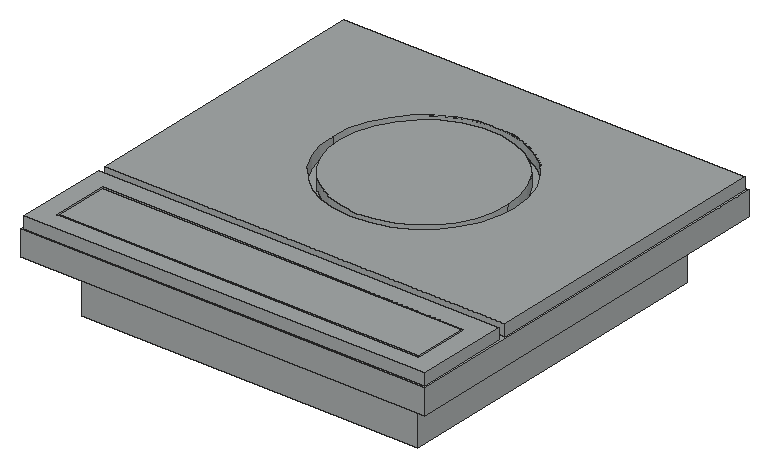
Revit family "Gira_5532902", category Electrical Fixtures, host Face, Revit 2017
Family settings
  Host = Face
  Maintain Annotation Orientation = Yes
  Round Connector Dimension = Use Diameter
  Part Type = Normal
  Cut with Voids When Loaded = No
  Shared = No
  Room Calculation Point = No
Parameters (values of type "Call-btn mod.2-g System 106 traffic white(lac.)")
  Width = "0.1065"
  URL = "http://katalog.gira.de/en/datenblatt.html?artikelnr=5532902"
  Number of bell buttons = "2"
  Name = "Call-btn mod.2-g System 106 traffic white(lac.)"
  Model = "Sys106_Abdeckung_Schalten und Tasten"
  Manufacturer URL = "https://www.gira.de/"
  Manufacturer = "Gira"
  Installation technique = "Bus system"
  HeinzeBIM = "https://bimportal.heinze.de/bim/call-btn-mod-2-g-system-106-traffic-white-lac-/46f5f03ae2e3831d1d5687d2ed8f1e116173cc9a"
  Height = "0.1065"
  HAN = "5532902"
  GTIN = "4010337022572"
  Edelstahl [instance] = Edelstahl
  Description = "C.btn mod.2g S106 TWl,System 106 call-button module,2-gang,Traffic white (laquered),The Gira System 106 is an installation system made of metal in a puristic and elegant frameless design, based on basic measurements of 106.5 × 106.5 mm. With the modular door intercom in Gira System 106, hospitality begins even before you reach the front door. All the functions are presented in a harmonious overall appearance, from the call button module, intercom module, and camera module, up to the info and blank module. In the dark, backlit call buttons with inscription space ensure good legibility and an attractive appearance.,,Individually adaptable modular system, The System 106 can be used in family homes or apartment buildings, as well as in office buildings, industrial properties, and hotels. The modular design enables the system's size, design, and functionality to be individually adapted to the respective requirements. Expansions and changes are possible at any time by easily exchanging the modules.,With this system, it is also possible to exchange the fronts only. This means that the appearance of the system can be changed from e.g. traffic white to a stainless steel surface at a later stage, without having to exchange the electronic units.,,High-quality materials,The modules are frameless with design fronts made of genuine materials, available in two brushed stainless steel versions (V2A and V4A), anodised aluminium C-0, and a metal alloy lacquered in traffic white (RAL 9016): all robust materials which ensure durability. The camera and DIN 18040 display module feature a black glass cover.,,Easy and phased installation,The system can be installed in phases, in parallel to the progress of building work. In this way, it is possible to initially install only the lower part of a surface-mounted housing during construction of the shell; cables and modules can then be added when they are needed.,,Individual inscription options,Call button modules and info modules can be labelled individually via the Gira inscription service.,,Features:,- Easy-to-use, vandal-proof, and scratch-resistant call buttons.,- Function changes, e.g. from 2-gang to 4-gang, can be easily realised by replacing the buttons.,- Various inscription options possible.,,Notes :,- Professional labelling with the Gira Inscription Service www.marking.gira.com."
  Default Elevation = 1219.2 mm
  Data sheet (1) = "https://katalog.gira.de/en/download.html?artikelnr=5532902"
  Colour = "White"
  Category = "Functional module for door communication"
  BIM (1) = "https://media.stage.bim.site/public/gira/36a6b08/Sys106_Abdeckung_Schalten und Tasten.rfa?public/gira/36a6b08/Sys106_Abdeckung_Schalten und Tasten.rfa"
  Available = "No"
Reference planes
  plane 1 "Center (Front/Back)": y = 0
  plane 2 "Reference Level 0": z = 0
  plane 3 "Center (Left/Right)": x = 0
  plane 4 "Reference Level 1": z = 9.5
Forms (mm)
  Extrusion 1, solid, material "Edelstahl" <- "Edelstahl", detail levels coarse
    sketch origin (0, 0, 0) x (1, 0, 0) y (0, 1, 0)
      loop
        line (-53, 53) -> (-53, -53) -> (53, -53) -> (53, 53) -> (-53, 53)
    from -14.7 to 9.5
  Extrusion 2, solid, material "Edelstahl" <- "Edelstahl", detail levels fine
    sketch origin (0, 0, 0) x (1, 0, 0) y (0, 1, 0)
      loop
        line (52.5, -28) -> (-52.5, -28) -> (-52.5, -52.5) -> (52.5, -52.5) -> (52.5, -28)
      loop
        line (-47.5, -48) -> (47.5, -48) -> (47.5, -33) -> (-47.5, -33) -> (-47.5, -48)
    from 6.5 to 9.5
  Extrusion 3, solid, material "Edelstahl" <- "Edelstahl", detail levels fine
    sketch origin (0, 0, 0) x (1, 0, 0) y (0, 1, 0)
      loop
        line (-52.5, 52.5) -> (-52.5, -26) -> (52.5, -26) -> (52.5, 52.5) -> (-52.5, 52.5)
      loop
        circle (0, 13) r 24
    from 6.5 to 9.5
  Extrusion 4, solid, material "Edelstahl" <- "Edelstahl", detail levels medium+fine
    sketch origin (0, 0, 0) x (1, 0, 0) y (0, 1, 0)
      loop
        line (-53, 53) -> (-53, -53) -> (53, -53) -> (53, 53) -> (-53, 53)
    from 0 to 6.5
  Extrusion 5, solid, material "Edelstahl" <- "Edelstahl", detail levels fine
    sketch origin (0, 0, 0) x (1, 0, 0) y (0, 1, 0)
      loop
        line (-44, 44) -> (-44, -44) -> (44, -44) -> (44, 44) -> (-44, 44)
    from -14.7 to 0
  Extrusion 6, solid, material "Edelstahl" <- "Edelstahl", detail levels fine
    sketch origin (0, 0, 0) x (1, 0, 0) y (0, 1, 0)
      loop
        circle (0, 13) r 22
    from 6.5 to 9.5
  Extrusion 7, solid, material "Edelstahl" <- "Edelstahl", detail levels fine
    sketch origin (0, 0, 0) x (1, 0, 0) y (0, 1, 0)
      loop
        line (-47, -33.5) -> (-47, -47.5) -> (47, -47.5) -> (47, -33.5) -> (-47, -33.5)
    from 6.5 to 9.5
  Extrusion 8, solid, material "Edelstahl" <- "Edelstahl", detail levels medium
    sketch origin (0, 0, 0) x (1, 0, 0) y (0, 1, 0)
      loop
        line (-52.5, 52.5) -> (-52.5, -26) -> (52.5, -26) -> (52.5, 52.5) -> (-52.5, 52.5)
      loop
        line (-52.5, -28) -> (-52.5, -52.5) -> (52.5, -52.5) -> (52.5, -28) -> (-52.5, -28)
    from 6.5 to 9.5
  Extrusion 9, solid, material "Edelstahl" <- "Edelstahl", detail levels medium
    sketch origin (0, 0, 0) x (1, 0, 0) y (0, 1, 0)
      loop
        circle (0, 13) r 24
      loop
        line (-47.5, -33) -> (-47.5, -48) -> (47.5, -48) -> (47.5, -33) -> (-47.5, -33)
    from 6.5 to 9.5
Dimensions and locks
  aligned and locked: plane 2 "Reference Level 0" to host face
  aligned and locked: level to host face
  aligned and locked: Extrusion 4 to host face
  aligned and locked: Extrusion 4 to level
  aligned and locked: level to Extrusion 5
  aligned and locked: level to Extrusion 4
  aligned and locked: Extrusion 4 to plane 2 "Reference Level 0"
  aligned and locked: plane 2 "Reference Level 0" to Extrusion 5
  aligned and locked: plane 3 "Center (Left/Right)" to nested 1
  aligned and locked: plane 1 "Center (Front/Back)" to nested 1
Nested families
  nested 1: "Schalter" at (0, 0, 0), type "Schalter"
Connectors
  electrical at (0, 0, -14.7)
    settings: on Extrusion 5, index 1, voltage 220 V, apparent load 0 VA, apparent load phase1 0 VA, apparent load phase2 0 VA, apparent load phase3 0 VA, power factor 1, load classification "Other", number of poles 1, system type 30, power factor state 1, is connector primary yes, connector utility no, sub classification motor no, connector description ""
Definition of nested family "Schalter"
  Reference planes
    plane 1: y = 0
    plane 2: x = 0
  Lines and regions (mm)
    detail lines
      curve 1: circle (1.375, 2.778, 0) r 0.8 normal (0, 0, 1)
      curve 2: line (1.021, 2.061, 0) -> (0, 0, 0)
      curve 3: line (0, 0, 0) -> (-0.538, 0.266, 0)
  Dimensions and locks
    curve 2 to curve 2 = 2.3 mm
    curve 3 to curve 2 = 0.6 mm
    radius of curve 1 = 0.8 mm
